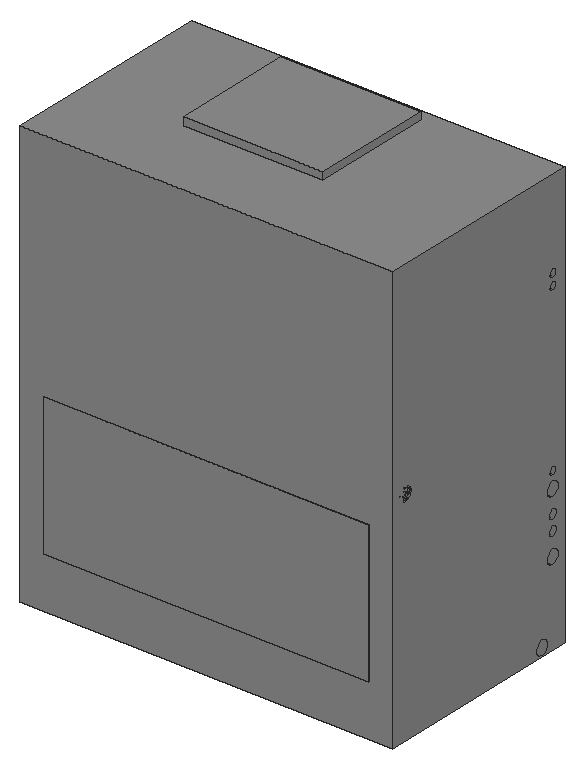
Revit family
Parameters (values of type "40RUQ07")
  Width = 2' - 4 3/16"
  Voltage = 0 V
  Version = 1
  Unit Material = Paint - Carrier - American Sterling Gray
  UV-C Germicidal Lamp [instance] = no
  URL = "www.carrier.com"
  Type Comments = "6 Tons Split System Heat Pump Indoor Unit"
  Top Duct Width = 1' - 4 1/16"
  Top Duct Length = 1' - 6 3/8"
  Top Duct Height = 0' - 1"
  TXV Bulb Connection Size = 7/8"
  TXV Bulb Connection Radius = TXV Bulb Connection Size / 2  # 0' - 0 7/16"
  Suction Connection Size = 1 1/8"
  Suction Connection Radius = Suction Connection Size / 2  # 0' - 0 9/16"
  Subbase [instance] = no
  Steam Heating Coil [instance] = no
  Right Clearance = 2' - 6"
  Return Air Intake Length = 3' - 6 3/4"
  Front Return Air Intake Height = 1' - 6 1/2"
  Return Air Grille [instance] = no
  Programmable Thermostats [instance] = no
  Prepainted Units [instance] = no
  Overhead Suspension Package [instance] = no
  Model = "40RUQ07"
  Manufacturer = "Carrier"  # constant formula
  MOCP = 0 A
  MCA = 0 A
  Liquid Connection Size = 5/8"
  Liquid Connection Radius = Liquid Connection Size / 2  # 0' - 0 5/16"
  Length = 4' - 1"
  Left Clearance = 2' - 6"
  Hot Water Heating Coils [instance] = no
  Height = 4' - 8 1/16"
  Front Clearance = 2' - 6"
  Fan Radius = 1' - 0"
  Electric Heat [instance] = no
  Economizer [instance] = no
  Drain Connection Size = 1 1/4"
  Drain Connection Radius = Drain Connection Size / 2  # 0' - 0 5/8"
  Disclaimer = "Manufacturer reserves the right to change, at any time, specifications and designs without notice and without obligation.  Please verify critical parameters with local Carrier commercial sales office."  # constant formula
  Discharge Plenum [instance] = no
  Condensate Drain Trap [instance] = no
  CO2 Sensors [instance] = no
  CFM (nominal) = 0 CFM
  Bottom Return Air Intake Width = 1' - 5 1/4"
  Back Clearance = 0' - 3"
  Assembly Code = "D3050200"
  Alternate Fan Motors [instance] = no
  Alternate Drives [instance] = no
Types (4): name | Type Comments | Top Duct Width | Top Duct Length | Front Return Air Intake Height | Model | Bottom Return Air Intake Width
  (no name) | "6 Tons Split System Heat Pump Indoor Unit" | 1' - 4 1/16" | 1' - 6 3/8" | 1' - 6 1/2" | "40RUQ07" | 1' - 5 1/4"
  40RUQ07 | "6 Tons Split System Heat Pump Indoor Unit" | 1' - 4 1/16" | 1' - 6 3/8" | 1' - 6 1/2" | "40RUQ07" | 1' - 5 1/4"
  40RUQ08 | "7.5 Tons Split System Heat Pump Indoor Unit" | 1' - 4" | 1' - 6" | 2' - 6 17/32" | "40RUQ08" | 1' - 6.80952"
  40RUQ12 | "10 Tons Split System Heat Pump Indoor Unit" | 1' - 4" | 1' - 6" | 2' - 6 17/32" | "40RUQ12" | 1' - 6.80952"
Reference planes (in)
  plane 1 "Center (Front/Back)": y = 0
  plane 2: z = 0
  plane 3 "Center (Left/Right)": x = 0
  plane 4 "Bace Face of Unit": y = 14.09375
  plane 5 "Front Face of Unit": y = -14.09375
  plane 6 "Left Face of Unit": x = -24.5
  plane 7 "Right Face of Unit": x = 24.5
  plane 8 "Back Clearance Line": y = 17.09375
  plane 9 "Left Clearance Line": x = -54.5
  plane 10 "Right Clearance Line": x = 54.5
  plane 11 "Front Clearance Line": y = -44.09375
  plane 12 "Top of Unit": z = 56.0625
  plane 13 "Bottom of Unit": z = 0
  plane 14 "Top Duct Left Edge": x = -11.4375
  plane 15 "Top Duct Right Edge": x = 6.9375
  plane 16 "Top Duct Back Edge": y = 12.46875
  plane 17 "Top Duct Front Edge": y = -3.59375
  plane 18 "Top Duct Top": z = 57.0625
  plane 19 "Side Connections Centerline": y = 12.09375
  plane 20 "Lower Suction Connection Centerline": z = 11.0625
  plane 21 "Lower Liquid Connection Centerline": z = 14.0625
  plane 22 "Upper Liquid Connection Centerline": z = 16.0625
  plane 23 "Upper Suction Connection Centerline": z = 19.0625
  plane 24 "TXV Bulb Connection": z = 21.1875
  plane 25 "Top Power Entry Centerline": z = 44.4375
  plane 26 "Lower Power Entry Centerline": z = 42.9375
  plane 27 "Drain Connection Centerline": z = 1.125
  plane 28 "Drain Centerline - Horizontal": y = 10.34375
  plane 29 "Front Drain Centerline Vertical": y = -12.09375
  plane 30 "Front Drain Centerline Horizontal": z = 29.0625
  plane 31 "Left Edge of Intake": x = -21.375
  plane 32 "Right Edge of Intake": x = 21.375
  plane 33 "Top Edge of Intake": z = 25.25
  plane 34 "Bottom Edge of Intake": z = 6.75
  plane 35 "Back Edge of Intake": y = 6.84375
  plane 36 "Front Edge of Intake": y = -10.40625
Forms (in)
  Extrusion 1, solid, material "Paint - Carrier - American Sterling Gray" <- "Unit Material"
    sketch origin (0, 0, 0) x (1, 0, 0) y (0, 1, 0)
      loop
        line (-24.5, -14.09375) -> (24.5, -14.09375) -> (24.5, 14.09375) -> (-24.5, 14.09375) -> (-24.5, -14.09375)
    from 0 to 56.0625
  Extrusion 2, solid, material "Paint - Carrier - American Sterling Gray", detail levels medium+fine
    sketch origin (0, 0, 56.0625) x (-1, 0, 0) y (0, -1, 0)
      loop
        line (11.4375, 3.59375) -> (-6.9375, 3.59375) -> (-6.9375, -12.46875) -> (11.4375, -12.46875) -> (11.4375, 3.59375)
    from 0 to 1
  Extrusion 3, solid, material "Paint - Carrier - American Sterling Gray" <- "Unit Material", detail levels fine
    sketch origin (24.5, 0, 0) x (0, 1, 0) y (0, 0, 1)
      loop
        circle (12.09375, 44.4375) r 0.4375
    from 0 to -0.5
  Extrusion 4, solid, material "Paint - Carrier - American Sterling Gray" <- "Unit Material", detail levels fine
    sketch origin (24.5, 0, 0) x (0, 1, 0) y (0, 0, 1)
      loop
        circle (12.09375, 42.9375) r 0.4375
    from 0 to -0.5
  Extrusion 5, solid, material "Paint - Carrier - American Sterling Gray" <- "Unit Material", detail levels fine
    sketch origin (24.5, 0, 0) x (0, 1, 0) y (0, 0, 1)
      loop
        circle (12.09375, 21.1875) r 0.4375
    from 0 to -0.5
  Extrusion 6, solid, material "Paint - Carrier - American Sterling Gray" <- "Unit Material", detail levels fine
    sketch origin (24.5, 0, 0) x (0, 1, 0) y (0, 0, 1)
      loop
        circle (12.09375, 19.0625) r 0.875
    from 0 to -0.5
  Extrusion 7, solid, material "Paint - Carrier - American Sterling Gray" <- "Unit Material", detail levels fine
    sketch origin (24.5, 0, 0) x (0, 1, 0) y (0, 0, 1)
      loop
        circle (12.09375, 16.0625) r 0.5625
    from 0 to -0.5
  Extrusion 8, solid, material "Paint - Carrier - American Sterling Gray" <- "Unit Material", detail levels fine
    sketch origin (24.5, 0, 0) x (0, 1, 0) y (0, 0, 1)
      loop
        circle (12.09375, 14.0625) r 0.5625
    from 0 to -0.5
  Extrusion 9, solid, material "Paint - Carrier - American Sterling Gray" <- "Unit Material", detail levels fine
    sketch origin (24.5, 0, 0) x (0, 1, 0) y (0, 0, 1)
      loop
        circle (12.09375, 11.0625) r 0.875
    from 0 to -0.5
  Extrusion 10, solid, material "Paint - Carrier - American Sterling Gray" <- "Unit Material", detail levels fine
    sketch origin (24.5, 0, 0) x (0, 1, 0) y (0, 0, 1)
      loop
        circle (10.34375, 1.125) r 0.875
    from 0 to -0.5
  Extrusion 11, solid, material "Paint - Carrier - American Sterling Gray" <- "Unit Material", detail levels fine
    sketch origin (24.5, 0, 0) x (0, 1, 0) y (0, 0, 1)
      loop
        circle (-12.09375, 29.0625) r 0.875
    from 0 to -0.5
  Extrusion 12, solid, material "Paint - Carrier - American Sterling Gray" <- "Unit Material", detail levels medium+fine
    sketch origin (0, -14.09375, 0) x (-1, 0, 0) y (0, 0, 1)
      loop
        line (21.375, 6.75) -> (21.375, 25.25) -> (-21.375, 25.25) -> (-21.375, 6.75) -> (21.375, 6.75)
    from 0 to 0.5
  Extrusion 13, solid, material "Paint - Carrier - American Sterling Gray" <- "Unit Material", detail levels medium+fine
    sketch origin (0, 0, 0) x (-1, 0, 0) y (0, -1, 0)
      loop
        line (21.375, 10.40625) -> (-21.375, 10.40625) -> (-21.375, -6.84375) -> (21.375, -6.84375) -> (21.375, 10.40625)
    from 0 to 0.5
Lines and regions (in)
  symbolic lines, style "Clearance Zones", detail levels fine
    curve 1: line (-54.5, -44.09375, 0) -> (54.5, -44.09375, 0)
    curve 2: line (-54.5, 17.09375, 0) -> (-54.5, -44.09375, 0)
    curve 3: line (54.5, 17.09375, 0) -> (-54.5, 17.09375, 0)
    curve 4: line (54.5, -44.09375, 0) -> (54.5, 17.09375, 0)
  model lines, detail levels medium+fine
    curve 5: line (-22, -14.09375, 3.5) -> (22, -14.09375, 3.5)
    curve 6: line (-22, -14.09375, 26.78125) -> (-22, -14.09375, 3.5)
    curve 7: line (22, -14.09375, 26.78125) -> (-22, -14.09375, 26.78125)
    curve 8: line (22, -14.09375, 3.5) -> (22, -14.09375, 26.78125)
    curve 9: line (-22, -14.09375, 29.28125) -> (22, -14.09375, 29.28125)
    curve 10: line (-22, -14.09375, 53.5625) -> (-22, -14.09375, 29.28125)
    curve 11: line (22, -14.09375, 53.5625) -> (-22, -14.09375, 53.5625)
    curve 12: line (22, -14.09375, 29.28125) -> (22, -14.09375, 53.5625)
    curve 13: line (-24.5, 10.09375, 3.5) -> (-24.5, -10.09375, 3.5)
    curve 14: line (-24.5, 10.09375, 53.5625) -> (-24.5, 10.09375, 3.5)
    curve 15: line (-24.5, -10.09375, 53.5625) -> (-24.5, 10.09375, 53.5625)
    curve 16: line (-24.5, -10.09375, 3.5) -> (-24.5, -10.09375, 53.5625)
    curve 17: line (24.5, -10.09375, 3.5) -> (24.5, 10.09375, 3.5)
    curve 18: line (24.5, -10.09375, 53.5625) -> (24.5, -10.09375, 3.5)
    curve 19: line (24.5, 10.09375, 53.5625) -> (24.5, -10.09375, 53.5625)
    curve 20: line (24.5, 10.09375, 3.5) -> (24.5, 10.09375, 53.5625)
Dimensions and locks (in)
  equal spacing: plane 6 "Left Face of Unit", plane 3 "Center (Left/Right)", plane 7 "Right Face of Unit"
  "Length": plane 6 "Left Face of Unit" to plane 7 "Right Face of Unit"
  equal spacing: plane 4 "Bace Face of Unit", plane 1 "Center (Front/Back)", plane 5 "Front Face of Unit"
  "Width": plane 4 "Bace Face of Unit" to plane 5 "Front Face of Unit"
  "Left Clearance": plane 9 "Left Clearance Line" to plane 6 "Left Face of Unit"
  "Right Clearance": plane 7 "Right Face of Unit" to plane 10 "Right Clearance Line"
  "Back Clearance": plane 8 "Back Clearance Line" to plane 4 "Bace Face of Unit"
  "Front Clearance": plane 5 "Front Face of Unit" to plane 11 "Front Clearance Line"
  "Height": plane 12 "Top of Unit" to level
  locked: plane 6 "Left Face of Unit" to plane 14 "Top Duct Left Edge" at 13.0625
  "Top Duct Length": plane 14 "Top Duct Left Edge" to plane 15 "Top Duct Right Edge"
  "Top Duct Width": plane 16 "Top Duct Back Edge" to plane 17 "Top Duct Front Edge"
  locked: plane 4 "Bace Face of Unit" to plane 16 "Top Duct Back Edge" at 1.625
  "Top Duct Height": plane 18 "Top Duct Top" to plane 12 "Top of Unit"
  locked: curve 10 to plane 6 "Left Face of Unit" at 2.5
  locked: plane 7 "Right Face of Unit" to curve 12 at 2.5
  locked: plane 12 "Top of Unit" to curve 11 at 2.5
  locked: curve 11 to curve 9 at 24.28125
  locked: curve 9 to curve 7 at 2.5
  locked: curve 5 to plane 13 "Bottom of Unit" at 3.5
  plane 4 "Bace Face of Unit" to curve 14 = 0' - 4"
  curve 16 to plane 5 "Front Face of Unit" = 0' - 4"
  curve 13 to plane 13 "Bottom of Unit" = 0' - 3 1/2"
  plane 12 "Top of Unit" to curve 15 = 0' - 2 1/2"
  locked: plane 19 "Side Connections Centerline" to plane 4 "Bace Face of Unit" at 2
  locked: plane 20 "Lower Suction Connection Centerline" to plane 13 "Bottom of Unit" at 11.0625
  locked: plane 21 "Lower Liquid Connection Centerline" to plane 13 "Bottom of Unit" at 14.0625
  locked: plane 22 "Upper Liquid Connection Centerline" to plane 13 "Bottom of Unit" at 16.0625
  locked: plane 23 "Upper Suction Connection Centerline" to plane 13 "Bottom of Unit" at 19.0625
  locked: plane 24 "TXV Bulb Connection" to plane 13 "Bottom of Unit" at 21.1875
  locked: plane 26 "Lower Power Entry Centerline" to plane 13 "Bottom of Unit" at 42.9375
  locked: plane 25 "Top Power Entry Centerline" to plane 13 "Bottom of Unit" at 44.4375
  locked: plane 28 "Drain Centerline - Horizontal" to plane 4 "Bace Face of Unit" at 3.75
  locked: plane 5 "Front Face of Unit" to plane 29 "Front Drain Centerline Vertical" at 2
  locked: plane 30 "Front Drain Centerline Horizontal" to plane 13 "Bottom of Unit" at 29.0625
  locked: plane 31 "Left Edge of Intake" to plane 6 "Left Face of Unit" at 3.125
  "Return Air Intake Length": plane 32 "Right Edge of Intake" to plane 31 "Left Edge of Intake"
  locked: plane 34 "Bottom Edge of Intake" to plane 13 "Bottom of Unit" at 6.75
  "Front Return Air Intake Height": plane 33 "Top Edge of Intake" to plane 34 "Bottom Edge of Intake"
  locked: plane 36 "Front Edge of Intake" to plane 5 "Front Face of Unit" at 3.6875
  "Bottom Return Air Intake Width": plane 35 "Back Edge of Intake" to plane 36 "Front Edge of Intake"
  locked: Extrusion 13 to plane 13 "Bottom of Unit" at 0.5
  radius of Extrusion 3 sketch curve = 0' - 0 7/16"
  radius of Extrusion 4 sketch curve = 0' - 0 7/16"
  radius of Extrusion 5 sketch curve = 0' - 0 7/16"
  radius of Extrusion 6 sketch curve = 0' - 0 7/8"
  radius of Extrusion 7 sketch curve = 0' - 0 9/16"
  radius of Extrusion 8 sketch curve = 0' - 0 9/16"
  radius of Extrusion 9 sketch curve = 0' - 0 7/8"
  radius of Extrusion 10 sketch curve = 0' - 0 7/8"
  radius of Extrusion 11 sketch curve = 0' - 0 7/8"
  aligned and locked: level to plane 2
  aligned and locked: plane 10 "Right Clearance Line" to curve 4
  aligned and locked: curve 1 to plane 11 "Front Clearance Line"
  aligned and locked: curve 2 to plane 9 "Left Clearance Line"
  aligned and locked: level to plane 13 "Bottom of Unit"
  aligned and locked: plane 4 "Bace Face of Unit" to Extrusion 1 sketch curve
  aligned and locked: Extrusion 1 sketch curve to plane 6 "Left Face of Unit"
  aligned and locked: plane 7 "Right Face of Unit" to Extrusion 1
  aligned and locked: Extrusion 1 to plane 5 "Front Face of Unit"
  aligned and locked: plane 12 "Top of Unit" to Extrusion 1
  aligned and locked: Extrusion 1 to plane 13 "Bottom of Unit"
  aligned and locked: plane 16 "Top Duct Back Edge" to Extrusion 2 sketch curve
  aligned and locked: plane 15 "Top Duct Right Edge" to Extrusion 2 sketch curve
  aligned and locked: Extrusion 2 sketch curve to plane 14 "Top Duct Left Edge"
  aligned and locked: Extrusion 2 sketch curve to plane 17 "Top Duct Front Edge"
  aligned and locked: Extrusion 2 to plane 12 "Top of Unit"
  aligned and locked: plane 18 "Top Duct Top" to Extrusion 2
  aligned and locked: curve 10 to curve 6
  aligned and locked: curve 8 to curve 12
  aligned and locked: curve 19 to curve 15
  aligned and locked: curve 18 to curve 16
  aligned and locked: curve 17 to curve 13
  aligned and locked: curve 20 to curve 14
  aligned and locked: plane 19 "Side Connections Centerline" to Extrusion 3 sketch curve
  aligned and locked: plane 25 "Top Power Entry Centerline" to Extrusion 3 sketch curve
  aligned and locked: plane 7 "Right Face of Unit" to Extrusion 3
  aligned and locked: plane 19 "Side Connections Centerline" to Extrusion 4 sketch curve
  aligned and locked: plane 26 "Lower Power Entry Centerline" to Extrusion 4 sketch curve
  aligned and locked: plane 19 "Side Connections Centerline" to Extrusion 5 sketch curve
  aligned and locked: plane 24 "TXV Bulb Connection" to Extrusion 5 sketch curve
  aligned and locked: plane 23 "Upper Suction Connection Centerline" to Extrusion 6 sketch curve
  aligned and locked: plane 19 "Side Connections Centerline" to Extrusion 6 sketch curve
  aligned and locked: plane 19 "Side Connections Centerline" to Extrusion 7 sketch curve
  aligned and locked: plane 22 "Upper Liquid Connection Centerline" to Extrusion 7 sketch curve
  aligned and locked: plane 19 "Side Connections Centerline" to Extrusion 8 sketch curve
  aligned and locked: plane 21 "Lower Liquid Connection Centerline" to Extrusion 8 sketch curve
  aligned and locked: plane 19 "Side Connections Centerline" to Extrusion 9 sketch curve
  aligned and locked: plane 20 "Lower Suction Connection Centerline" to Extrusion 9 sketch curve
  aligned and locked: plane 28 "Drain Centerline - Horizontal" to Extrusion 10 sketch curve
  aligned and locked: plane 27 "Drain Connection Centerline" to Extrusion 10 sketch curve
  aligned and locked: plane 7 "Right Face of Unit" to Extrusion 10
  aligned and locked: plane 7 "Right Face of Unit" to Extrusion 9
  aligned and locked: plane 7 "Right Face of Unit" to Extrusion 8
  aligned and locked: plane 7 "Right Face of Unit" to Extrusion 7
  aligned and locked: plane 7 "Right Face of Unit" to Extrusion 6
  aligned and locked: plane 7 "Right Face of Unit" to Extrusion 5
  aligned and locked: plane 7 "Right Face of Unit" to Extrusion 4
  aligned and locked: plane 29 "Front Drain Centerline Vertical" to Extrusion 11 sketch curve
  aligned and locked: plane 30 "Front Drain Centerline Horizontal" to Extrusion 11 sketch curve
  aligned and locked: plane 7 "Right Face of Unit" to Extrusion 11
  aligned and locked: plane 34 "Bottom Edge of Intake" to Extrusion 12 sketch curve
  aligned and locked: plane 31 "Left Edge of Intake" to Extrusion 12 sketch curve
  aligned and locked: Extrusion 12 sketch curve to plane 33 "Top Edge of Intake"
  aligned and locked: Extrusion 12 sketch curve to plane 32 "Right Edge of Intake"
  aligned and locked: Extrusion 13 sketch curve to plane 31 "Left Edge of Intake"
  aligned and locked: plane 32 "Right Edge of Intake" to Extrusion 13 sketch curve
  aligned and locked: plane 35 "Back Edge of Intake" to Extrusion 13 sketch curve
  aligned and locked: Extrusion 13 sketch curve to plane 36 "Front Edge of Intake"
  aligned and locked: Extrusion 13 to plane 13 "Bottom of Unit"
Automatic sketch dimensions
  Extrusion 1 sketch curve to plane 7 "Right Face of Unit" = 0' - 0"
  plane 5 "Front Face of Unit" to Extrusion 1 sketch curve = 0' - 0"
  curve 3 to plane 8 "Back Clearance Line" = 0' - 0"
Connectors (in)
  hvac at (-2.25, 4.4375, 57.0625), driven by "Top Duct Length", driven by "Top Duct Width", driven by "CFM (nominal)"
    settings: on Extrusion 2, index 1, duct flow 0 CFM, flow factor 0, pres drop 0.00 in-wg, loss coef 0, conn angle 0.00°, conn width 18 3/8", conn height 16 1/16", conn radius 12", duct sys type 1, conn prof type 1, flow config 0, flow direction 2, loss method 0, conn ref index -1, conn util no, is conn primary yes, conn desc "Top Supply Air"
  piping at (24.5, 10.34375, 1.125), driven by "Drain Connection Radius"
    settings: on Extrusion 10, index 2, connector radius 5/8", flow factor 0, pipe flow 0 GPM, pressure drop 0.00 psi, fitting loss kfactor 0, connector angle 0.00°, fixture units 0, flow configuration 0, flow direction 2, fitting loss method 0, system type 16, connector reference index -1, connector utility 0, adjustable connector no, is connector primary yes, fitting loss table "", connector description "Bottom Drain"
  piping at (24.5, 12.09375, 11.0625), driven by "Suction Connection Radius"
    settings: on Extrusion 9, index 3, connector radius 9/16", flow factor 0, pipe flow 0 GPM, pressure drop 0.00 psi, fitting loss kfactor 0, connector angle 0.00°, fixture units 0, flow configuration 1, flow direction 2, fitting loss method 0, system type 22, connector reference index -1, connector utility 0, adjustable connector no, is connector primary no, fitting loss table "", connector description "Lower Suction Connection"
  piping at (24.5, 12.09375, 14.0625), driven by "Liquid Connection Radius"
    settings: on Extrusion 8, index 4, connector radius 5/16", flow factor 0, pipe flow 0 GPM, pressure drop 0.00 psi, fitting loss kfactor 0, connector angle 0.00°, fixture units 0, flow configuration 1, flow direction 1, fitting loss method 0, system type 22, connector reference index -1, connector utility 0, adjustable connector no, is connector primary no, fitting loss table "", connector description "Lower Liquid Connection"
  piping at (24.5, 12.09375, 16.0625), driven by "Liquid Connection Radius"
    settings: on Extrusion 7, index 5, connector radius 5/16", flow factor 0, pipe flow 0 GPM, pressure drop 0.00 psi, fitting loss kfactor 0, connector angle 0.00°, fixture units 0, flow configuration 1, flow direction 1, fitting loss method 0, system type 22, connector reference index -1, connector utility 0, adjustable connector no, is connector primary no, fitting loss table "", connector description "Upper Liquid Connection"
  piping at (24.5, 12.09375, 19.0625), driven by "Suction Connection Radius"
    settings: on Extrusion 6, index 6, connector radius 9/16", flow factor 0, pipe flow 0 GPM, pressure drop 0.00 psi, fitting loss kfactor 0, connector angle 0.00°, fixture units 0, flow configuration 1, flow direction 2, fitting loss method 0, system type 22, connector reference index -1, connector utility 0, adjustable connector no, is connector primary no, fitting loss table "", connector description "Upper Suction Connection"
  piping at (24.5, 12.09375, 21.1875), driven by "TXV Bulb Connection Radius"
    settings: on Extrusion 5, index 7, connector radius 7/16", flow factor 0, pipe flow 0 GPM, pressure drop 0.00 psi, fitting loss kfactor 0, connector angle 0.00°, fixture units 0, flow configuration 1, flow direction 1, fitting loss method 0, system type 22, connector reference index -1, connector utility 0, adjustable connector no, is connector primary no, fitting loss table "", connector description "TXV Bulb"
  electrical at (24.5, 12.09375, 44.4375)
    settings: on Extrusion 3, index 8, voltage 0 V, apparent load 0 VA, apparent load phase1 0 VA, apparent load phase2 0 VA, apparent load phase3 0 VA, power factor 1, load classification "Power", number of poles 3, system type 30, power factor state 1, is connector primary yes, connector utility no, sub classification motor no, connector description "Power Supply"
  electrical at (24.5, 12.09375, 42.9375)
    settings: on Extrusion 4, index 9, voltage 0 V, apparent load 0 VA, apparent load phase1 0 VA, apparent load phase2 0 VA, apparent load phase3 0 VA, power factor 1, load classification "Motor", number of poles 3, system type 30, power factor state 1, is connector primary no, connector utility no, sub classification motor no, connector description "Optional Fan Motor"
  hvac at (0, -14.09375, 16), driven by "Front Return Air Intake Height", driven by "Return Air Intake Length"
    settings: on Extrusion 12, index 10, duct flow 0 CFM, flow factor 0, pres drop 0.00 in-wg, loss coef 0, conn angle 0.00°, conn width 42 3/4", conn height 18 1/2", conn radius 12", duct sys type 2, conn prof type 1, flow config 0, flow direction 1, loss method 0, conn ref index -1, conn util no, is conn primary no, conn desc "Front Return Air Intake"
  hvac at (0, -1.78125, 0), driven by "Bottom Return Air Intake Width", driven by "Return Air Intake Length"
    settings: on Extrusion 13, index 11, duct flow 0 CFM, flow factor 0, pres drop 0.00 in-wg, loss coef 0, conn angle 0.00°, conn width 42 3/4", conn height 17 1/4", conn radius 12", duct sys type 2, conn prof type 1, flow config 0, flow direction 1, loss method 0, conn ref index -1, conn util no, is conn primary no, conn desc "Bottom Return Air Intake"
